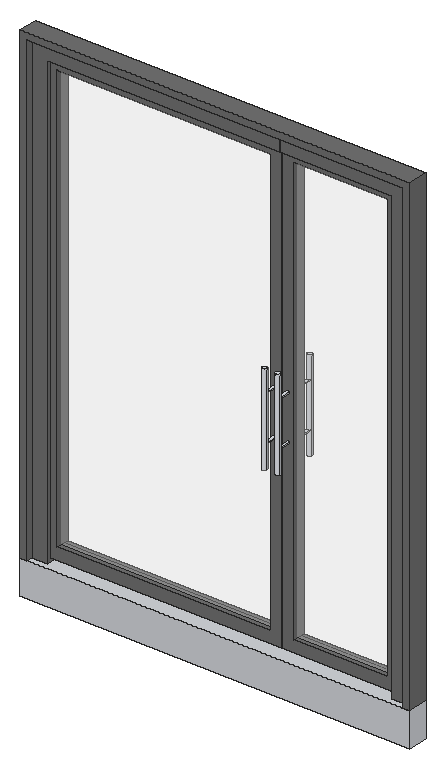
Revit family "AVLN_Дверь_Двупольная_Стальная", category Двери, Revit 2021
Family settings
  Основа = Стена
  Номер OmniClass = 23.30.10.00
  Заголовок OmniClass = Doors
  Всегда вертикально = Да
  При загрузке вырезать с полостями = Нет
  Общий = Нет
  Точка принадлежности помещению = Нет
Parameters (values of type "1730х2100")
  Ширина полотна [instance] = Width - Монтажный зазор * 2 - Коробка толщина * 2 - 10 mm  # 1560 mm
  Ширина левого полотна = 600 mm
  Ширина правого полотна = Width - Ширина левого полотна  # 1130 mm
  ШПП = Ширина правого полотна + Монтажный зазор + Коробка толщина  # 1210 mm
  ШЛП = Ширина левого полотна + Монтажный зазор + Коробка толщина  # 680 mm
  Фрамуга_Справа = no
  Фрамуга_Слева = no
  Тонкая линия проема = yes
  Толщина = 85 mm  # constant formula
  Тип ручки = Дв_Дверная ручка : Ручка стационарная
  Смещение проема [instance] = 150 mm
  Смещение внутрь = 0 mm
  СП1 [instance] = if(Смещение проема = 0 mm, 10 mm, 0 mm)  # 0 mm
  Ручки_Справа = yes
  Ручки_Слева = yes
  Ручка смещение = 30 mm  # constant formula
  Ручка высота = 950 mm  # constant formula
  Рабочая зона = no
  Rough Width = Width - Монтажный зазор * 2  # 1670 mm
  Rough Height = Height - Монтажный зазор  # 2070 mm
  Порожек = no
  Порог_наружний_смещение [instance] = 0 mm
  Порог_внутренний_смещение [instance] = 0 mm
  Порог_внутренний [instance] = no
  Порог [instance] = no
  ПШПП = ШПП + Монтажный зазор + Коробка толщина  # 1290 mm
  ПШЛП = ШЛП + Монтажный зазор + Коробка толщина  # 760 mm
  Определить тепловые свойства по = Тип схем
  Окрывание 30° = yes
  Монтажный зазор = 30 mm
  Материал_Рама = AVLN_Материал импоста_RAL 7024
  Материал_Рабочая зона = AVLN_Материал импоста_RAL 7024
  Материал_Панель.Фрамуги_Справа = AVLN_Остекление окон и дверей
  Материал_Панель.Фрамуги_Слева = AVLN_Материал импоста_RAL 7024
  Материал_Панель.2_Справа = AVLN_Остекление окон и дверей
  Материал_Панель.2_Слева = AVLN_Остекление окон и дверей
  Материал_Панель.1_Справа = AVLN_Остекление окон и дверей
  Материал_Монтажный зазор = AVLN_Материал импоста_RAL 7024
  Материал_Панель.1_Слева = AVLN_Остекление окон и дверей
  Материал_Дверной ручки = ADSK_Металл_Окрашенный_Белый матовый
  Коробка.Доп.Ширина = 20 mm  # constant formula
  Коробка толщина = 50 mm
  Type Comments = ""
  КП = Коробка толщина + 5 mm  # 55 mm
  Заполнение под проемом_Видимость [instance] = if(Смещение проема = 0 mm, 1 = 0, 1 = 1)  # yes
  Функция = Внутренние слои
  Model = ""
  Горизонтальный импост_Справа = no
  Горизонтальный импост_Слева = no
  Высота фрамуги = 650 mm
  Высота порога = 40 mm
  Высота горизонтального импоста = 750 mm
  ВФ2 = if(ВФ = 40 mm, 0 mm, 30 mm)  # 0 mm
  ВФ = if(not(Фрамуга_Слева), 40 mm, Высота фрамуги + 70 mm)  # 40 mm
  ВП = if(not(Порожек), 0 mm, Высота порога)  # 0 mm
  Height = 2100 mm
  Замыкание стены = По основе
  Width = 1730 mm
  Аналитическая конструкция = "<Нет>"
  АВЛН_Проем_Ширина [instance] = Width  # 1730 mm
  АВЛН_Проем_Высота [instance] = Height + Смещение проема  # 2250 mm
  ADSK_Примечание [instance] = ""
  ADSK_Позиция [instance] = ""
  ADSK_Площадь [instance] = 0.00 m²
  ADSK_Обозначение = ""
  ADSK_Наименование = ""
  ADSK_Масса = 0
  ADSK_Марка [instance] = ""
  ADSK_Количество [instance] = 0
  ADSK_Единица измерения [instance] = ""
  СМ = Смещение внутрь + Толщина  # 85 mm
Types (3, lengths in mm): name | Ширина полотна | Ширина левого полотна | Ширина правого полотна | ШПП | ШЛП | Фрамуга_Справа | Фрамуга_Слева | Rough Width | Rough Height | Порожек | ПШПП | ПШЛП | Монтажный зазор | Материал_Рама | Материал_Рабочая зона | Материал_Панель.Фрамуги_Справа | Материал_Панель.Фрамуги_Слева | Материал_Панель.2_Справа | Материал_Панель.2_Слева | Материал_Панель.1_Справа | Материал_Монтажный зазор | Материал_Панель.1_Слева | Материал_Дверной ручки | Коробка толщина | Type Comments | КП | Model | Горизонтальный импост_Справа | Горизонтальный импост_Слева | ВФ2 | ВФ | ВП | Height | Width | АВЛН_Проем_Ширина | АВЛН_Проем_Высота | ADSK_Обозначение
  1730х2100 | 1560 | 600 | 1130 | 1210 | 680 | no | no | 1670 | 2070 | no | 1290 | 760 | 30 | AVLN_Материал импоста_RAL 7024 | AVLN_Материал импоста_RAL 7024 | AVLN_Остекление окон и дверей | AVLN_Материал импоста_RAL 7024 | AVLN_Остекление окон и дверей | AVLN_Остекление окон и дверей | AVLN_Остекление окон и дверей | AVLN_Материал импоста_RAL 7024 | AVLN_Остекление окон и дверей | ADSK_Металл_Окрашенный_Белый матовый | 50 | "" | 55 | "" | no | no | 0 | 40 | 0 | 2100 | 1730 | 1730 | 2250 | ""
  1400х2100 | 1150 | 500 | 900 | 1020 | 620 | no | no | 1300 | 2050 | no | 1140 | 740 | 50 | Алюминий | Алюминий | Алюминий | Алюминий | Алюминий | Алюминий | Алюминий | Алюминий | Алюминий | ADSK_Металл_Окрашенный_Белый матовый | 70 | "Двери наружные" | 75 | "Дверь" | no | no | 0 | 40 | 0 | 2100 | 1400 | 1400 | 2250 | "ГОСТ 23747-2015"
  Для копирования | 1300 | 1000 | 500 | 595 | 1095 | yes | yes | 1440 | 2470 | yes | 690 | 1190 | 30 | none | none | none | none | none | none | none | none | none | none | 65 | "" | 70 | "" | yes | yes | 30 | 720 | 40 | 2500 | 1500 | 1500 | 2650 | ""
Reference planes
  plane 1: y = 0
  plane 2 "По центру (Влево/Вправо)": x = 0
  plane 3 "Слева": x = -865
  plane 4 "Справа": x = 865
  plane 5: z = 2100
  plane 6 "Наружный": y = 150
  plane 7 "Внутренние": y = -150
  plane 8: z = -150
  plane 9: x = -835
  plane 10: x = 835
  plane 11: x = 785
  plane 12: x = -785
  plane 13: z = 2070
  plane 14: z = 2020
  plane 15 "Полотно_Н": y = 150
  plane 16 "Полотно_В": y = 65
  plane 17: z = -150
  plane 18: x = 235
  plane 19: x = 295
  plane 20: z = 950
  plane 21: z = 1015
  plane 22: z = 2000
  plane 23: y = 1280
  plane 24: z = 1050
  plane 25 "ОТКР_Г": y = 165
  plane 26: z = 2030
  plane 27: z = 2030
  plane 28: x = 795
  plane 29: x = -795
  plane 30: z = 0
  plane 31: z = 70
  plane 32 "ОТКР_Д": y = 100
  plane 33: x = -530.2
  plane 34: x = -765
  plane 35: x = 765
  plane 36: x = 530
  plane 37: x = 265
  plane 38: x = -265
  plane 39: x = 295
  plane 40: x = 235
  plane 41: y = 150
  plane 42: y = -150
Forms (mm)
  Extrusion 1, solid, visible <- "Заполнение под проемом_Видимость", detail levels fine
    sketch origin (0, 150, 0) x (1, 0, 0) y (0, 0, 1)
      loop
        line (865, 0) -> (-865, 0) -> (-865, -150) -> (865, -150) -> (865, 0)
    from 0 to 85
  Extrusion 2, solid, material "AVLN_Материал импоста_RAL 7024" <- "Материал_Монтажный зазор", detail levels fine
    sketch origin (0, -150, 0) x (1, 0, 0) y (0, 0, 1)
      loop
        line (-865, 0) -> (-835, 0) -> (-835, 2070) -> (835, 2070) -> (835, 0) -> (865, 0) -> (865, 2100) -> (-865, 2100) -> (-865, 0)
    from -300 to -215
  Extrusion 3, void
    sketch origin (0, 0, 0) x (1, 0, 0) y (0, 1, 0)
      loop
        line (-865, 1280) -> (-865, 150) -> (865, 150) -> (865, 1280) -> (-865, 1280)
    from 0 to 2100
Lines and regions (mm)
  Opening 1
    outline origin (-3050, -150, 0) x (1, 0, 0) y (0, 0, 1)
      loop
        line (2185, -150) -> (3915, -150) -> (3915, 2100) -> (2185, 2100) -> (2185, -150)
  Masking region 1, visible <- "Тонкая линия проема"
    outline origin (-80, -199.486, 0) x (1, 0, 0) y (0, 1, 0)
      loop
        line (-712.395, 374.486) -> (-785, 349.486) -> (-785, 49.486) -> (-785, 19.486) -> (945, 19.486) -> (945, 49.486) -> (945, 349.486) -> (875.199, 374.486) -> (-712.395, 374.486)
  model lines, style "Открывание_Внутрь"
    curve 1: line (765, 100, 2030) -> (265, 100, 1015)
    curve 2: line (265, 100, 1015) -> (765, 100, 70)
    curve 3: line (-765, 100, 70) -> (265, 100, 1015)
    curve 4: line (265, 100, 1015) -> (-765, 100, 2030)
  model lines, style "Открывание_Наружу"
    curve 5: line (-795, 165, 0) -> (265, 165, 1015)
    curve 6: line (265, 165, 1015) -> (-795, 165, 2030)
    curve 7: line (795, 165, 2030) -> (265, 165, 1015)
    curve 8: line (265, 165, 1015) -> (795, 165, 0)
  model lines, style "Рабочая зона", visible <- "Рабочая зона"
    curve 9: line (-865, 150, 0) -> (-750, 1280, 0)
    curve 10: line (-750, 1280, 0) -> (750, 1280, 0)
    curve 11: line (865, 150, 0) -> (750, 1280, 0)
  symbolic lines, style "Порог", visible <- "Порог"
    curve 12: line (-865, 150, 0) -> (865, 150, 0)
  symbolic lines, style "Порог", visible <- "Порог_внутренний"
    curve 13: line (-865, -150, 0) -> (865, -150, 0)
Text (mm)
  text "Наружный" at (-2295.016, 1099.543, 0), in view "Опорный уровень"
  text "Наружный" at (0, 1615.38, 3698.081), in view "Слева"
  text "Наружный" at (0, 1036.032, 3874.932), in view "Справа"
Dimensions and locks
  equal spacing: plane 3 "Слева", plane 2 "По центру (Влево/Вправо)", plane 4 "Справа"
  "Width": plane 3 "Слева" to plane 4 "Справа"
  host wall to plane 5 = 2564.966 mm  (x2)
  locked: plane 6 "Наружный" to host wall
  locked: plane 7 "Внутренние" to host wall
  plane 8 to level = 150 mm
  "Height": level to plane 5
  "Монтажный зазор": plane 3 "Слева" to plane 9
  "Монтажный зазор": plane 10 to plane 4 "Справа"
  "Смещение внутрь": plane 15 "Полотно_Н" to plane 6 "Наружный"
  "Толщина": plane 15 "Полотно_Н" to plane 16 "Полотно_В"
  level to plane 17 = 150 mm
  "Монтажный зазор": plane 13 to plane 5
  "Коробка толщина": plane 14 to plane 13
  "Коробка толщина": plane 12 to plane 9
  "Коробка толщина": plane 11 to plane 10
  "Смещение проема": level to plane 8
  "Ручка высота": level to plane 20
  "Ручка смещение": plane 18 to plane 37
  "Ручка смещение": plane 37 to plane 19
  equal spacing: level, plane 21, plane 26
  equal spacing: plane 7 "Внутренние", plane 1, plane 6 "Наружный"
  "Коробка.Доп.Ширина": plane 14 to plane 22
  "Ширина правого полотна": plane 23 to plane 15 "Полотно_Н"
  plane 15 "Полотно_Н" to plane 16 "Полотно_В" = 85 mm
  locked: plane 25 "ОТКР_Г" to plane 15 "Полотно_Н" at 15
  "ВФ": plane 13 to plane 26
  equal spacing: level, plane 24, plane 5
  "ВФ2": plane 26 to plane 27
  locked: plane 10 to plane 28 at 40
  locked: plane 9 to plane 29 at 40
  "ВП": level to plane 30
  locked: plane 31 to level at 70
  nested 7 to plane 6 "Наружный" = 60 mm
  "СП1": plane 17 to plane 8
  "Коробка толщина": plane 15 "Полотно_Н" to plane 32 "ОТКР_Д"
  locked: plane 9 to plane 34 at 70
  locked: plane 10 to plane 35 at 70
  equal spacing: plane 37, plane 36, plane 28
  "Ширина левого полотна": plane 37 to plane 4 "Справа"
  equal spacing: plane 37, plane 38, plane 29
  locked: plane 39 to plane 37 at 30
  locked: plane 37 to plane 40 at 30
  "Порог_наружний_смещение": plane 6 "Наружный" to plane 41
  "Порог_внутренний_смещение": plane 42 to plane 7 "Внутренние"
  aligned and locked: plane 3 "Слева" to Opening 1 sketch curve
  aligned and locked: Opening 1 sketch curve to plane 4 "Справа"
  aligned and locked: plane 1 to host wall
  aligned and locked: plane 8 to Opening 1 sketch curve
  aligned and locked: level to Extrusion 1 sketch curve
  aligned and locked: Extrusion 1 sketch curve to plane 4 "Справа"
  aligned and locked: Extrusion 1 sketch curve to host wall
  aligned and locked: Extrusion 1 to plane 16 "Полотно_В"
  aligned and locked: Extrusion 1 to plane 15 "Полотно_Н"
  aligned and locked: Extrusion 1 sketch curve to plane 17
  aligned and locked: plane 5 to Opening 1 sketch curve
  aligned and locked: Extrusion 2 sketch curve to plane 4 "Справа"
  aligned and locked: Extrusion 2 sketch curve to plane 10
  aligned and locked: Extrusion 2 sketch curve to plane 5
  aligned and locked: Extrusion 2 sketch curve to plane 13
  aligned and locked: plane 3 "Слева" to Extrusion 2 sketch curve
  aligned and locked: plane 9 to Extrusion 2 sketch curve
  aligned and locked: Extrusion 2 sketch curve to level  (x2)
  aligned and locked: plane 19 to nested 4
  aligned and locked: plane 18 to nested 2
  aligned and locked: nested 3 to plane 19
  aligned and locked: nested 5 to plane 4 "Справа"
  aligned and locked: nested 5 to plane 15 "Полотно_Н"
  aligned and locked: nested 6 to plane 3 "Слева"
  aligned and locked: plane 15 "Полотно_Н" to nested 6
  aligned and locked: Extrusion 2 to plane 15 "Полотно_Н"
  aligned and locked: curve 10 to plane 23
  aligned and locked: plane 15 "Полотно_Н" to curve 9
  aligned and locked: curve 11 to plane 15 "Полотно_Н"
  aligned and locked: Extrusion 3 sketch curve to plane 23
  aligned and locked: Extrusion 3 sketch curve to plane 3 "Слева"
  aligned and locked: Extrusion 3 sketch curve to plane 15 "Полотно_Н"
  aligned and locked: Extrusion 3 sketch curve to plane 4 "Справа"
  aligned and locked: Extrusion 3 to plane 5
  aligned and locked: Extrusion 2 to plane 16 "Полотно_В"
  aligned and locked: plane 26 to curve 1
  aligned and locked: plane 27 to curve 7
  aligned and locked: plane 29 to curve 6
  aligned and locked: curve 6 to plane 27
  aligned and locked: plane 28 to curve 8
  aligned and locked: plane 30 to curve 8
  aligned and locked: plane 29 to curve 5
  aligned and locked: curve 5 to plane 30
  aligned and locked: plane 31 to curve 3
  aligned and locked: curve 2 to plane 31
  aligned and locked: plane 21 to curve 8
  aligned and locked: nested 1 to plane 32 "ОТКР_Д"
  aligned and locked: plane 32 "ОТКР_Д" to nested 3
  aligned and locked: nested 2 to plane 25 "ОТКР_Г"
  aligned and locked: plane 25 "ОТКР_Г" to nested 4
  aligned and locked: nested 1 to plane 18
  aligned and locked: plane 34 to curve 4
  aligned and locked: plane 35 to curve 1
  aligned and locked: plane 37 to curve 6
  aligned and locked: plane 34 to curve 3
  aligned and locked: plane 21 to curve 4
  aligned and locked: nested 8 to plane 15 "Полотно_Н"
  aligned and locked: plane 4 "Справа" to curve 12
  aligned and locked: plane 3 "Слева" to curve 12
  aligned and locked: curve 12 to plane 41
  aligned and locked: curve 13 to plane 42
  aligned and locked: plane 3 "Слева" to Masking region 1
  aligned and locked: Masking region 1 to plane 4 "Справа"
  aligned and locked: host wall to Masking region 1 sketch curve  (x4)
  aligned and locked: nested 7 to Extrusion 2
  aligned and locked: nested 8 to Extrusion 2
  aligned and locked: curve 5 to plane 25 "ОТКР_Г"
  aligned and locked: nested 7 to plane 41
Automatic sketch dimensions
  curve 2 to plane 37 = 0 mm
  curve 4 to plane 26 = 0 mm
  curve 2 to plane 35 = 0 mm
  curve 13 to plane 3 "Слева" = 0 mm
  curve 13 to plane 4 "Справа" = 0 mm
  Masking region 1 sketch curve to plane 3 "Слева" = 0 mm
  Masking region 1 sketch curve to plane 4 "Справа" = 0 mm
  Masking region 1 sketch curve to plane 29 = 2.605 mm
  plane 28 to Masking region 1 sketch curve = 0.199 mm
  host wall to Masking region 1 sketch curve = 30 mm
  host wall to Masking region 1 sketch curve = 25 mm
  curve 7 to plane 28 = 0 mm
  curve 10 to plane 34 = 15 mm
  curve 11 to plane 35 = 15 mm
Nested families
  nested 1: "Дв_Дверная ручка" at (235, 100, -90), visible <- "Ручки_Справа", type <- "Тип ручки", type "Ручка стационарная", detail levels fine
    with Высота расположения дверной ручки 1040 mm
  nested 2: "Дв_Дверная ручка" at (235, 165, -90), visible <- "Ручки_Справа", type <- "Тип ручки", type "Ручка стационарная", detail levels fine
    with Высота расположения дверной ручки 1040 mm
  nested 3: "Дв_Дверная ручка" at (295, 100, -90) x (-1, 0, 0) z (0, 0, 1), visible <- "Ручки_Слева", type <- "Тип ручки", type "Ручка стационарная", detail levels fine
    with Высота расположения дверной ручки 1040 mm
  nested 4: "Дв_Дверная ручка" at (295, 165, -90) x (-1, 0, 0) z (0, 0, 1), visible <- "Ручки_Слева", type <- "Тип ручки", type "Ручка стационарная", detail levels fine
    with Высота расположения дверной ручки 1040 mm
  nested 5: "АС-Двупольная-Обозначение на плане" at (605, 150, -150), Width <- "ШЛП", Height <- "Rough Height", Полотно.Ширина <- "Ширина левого полотна", Rough Width <- "ПШЛП", Коробка.Ширина <- "Коробка.Доп.Ширина", Коробка.Толщина <- "Толщина", Толщина <- "Коробка толщина", МЗ <- "Монтажный зазор", КП <- "КП", type "АС-Стандарт"
    with Width 680 mm, Толщина 50 mm, Rough Width 760 mm, Полотно.Ширина 600 mm, МЗ 30 mm, Коробка.Ширина 20 mm, Коробка.Толщина 85 mm, КП 55 mm, Height 2070 mm
  nested 6: "АС-Двупольная-Обозначение на плане" at (-75, 150, -150) x (-1, 0, 0) z (0, 0, 1), Width <- "ШПП", Height <- "Rough Height", Полотно.Ширина <- "Ширина правого полотна", Rough Width <- "ПШПП", Коробка.Ширина <- "Коробка.Доп.Ширина", Коробка.Толщина <- "Толщина", Толщина <- "Коробка толщина", МЗ <- "Монтажный зазор", КП <- "КП", type "АС-Стандарт"
    with Width 1210 mm, Толщина 50 mm, Rough Width 1290 mm, Полотно.Ширина 1130 mm, МЗ 30 mm, Коробка.Ширина 20 mm, Коробка.Толщина 85 mm, КП 55 mm, Height 2070 mm
  nested 7: "Алюминий ДП" at (430, 90, 0) x (-1, 0, 0) z (0, 0, 1), Width <- "Ширина левого полотна", Фрамуга <- "Фрамуга_Слева", М.Панель.1 <- "Материал_Панель.1_Слева", М.Панель.2 <- "Материал_Панель.2_Слева", М.Панель.Фрамуги <- "Материал_Панель.Фрамуги_Слева", М.Рама <- "Материал_Рама", Горизонтальный импост <- "Горизонтальный импост_Слева", Порог <- "Порожек", type "Алюминий ДП", detail levels fine
    with Width 600 mm, Фрамуга no, Порог no, М.Рама AVLN_Материал импоста_RAL 7024, М.Панель.Фрамуги AVLN_Материал импоста_RAL 7024, М.Панель.2 AVLN_Остекление окон и дверей, М.Панель.1 AVLN_Остекление окон и дверей, Горизонтальный импост no, ГИ no, ВФ2 0 mm, ВФ 250 mm, ВП2 0 mm, БГИ yes
  nested 8: "Алюминий ДП" at (-430, 90, 0), Width <- "Ширина правого полотна", Фрамуга <- "Фрамуга_Справа", М.Панель.1 <- "Материал_Панель.1_Справа", М.Панель.2 <- "Материал_Панель.2_Справа", М.Панель.Фрамуги <- "Материал_Панель.Фрамуги_Справа", М.Рама <- "Материал_Рама", Горизонтальный импост <- "Горизонтальный импост_Справа", Порог <- "Порожек", type "Алюминий ДП", detail levels fine
    with Width 1130 mm, Фрамуга no, Порог no, М.Рама AVLN_Материал импоста_RAL 7024, М.Панель.Фрамуги AVLN_Остекление окон и дверей, М.Панель.2 AVLN_Остекление окон и дверей, М.Панель.1 AVLN_Остекление окон и дверей, Горизонтальный импост no, ГИ no, ВФ2 0 mm, ВФ 250 mm, ВП2 0 mm, БГИ yes
Definition of nested family "Дв_Дверная ручка"
  Parameters (values of type "Ручка нажимная")
    Ручка стационарная = no
    Ручка нажимная = yes
    Define Thermal Properties by = 1
    Материал дверной ручки = none
    Высота расположения дверной ручки [instance] = 1040 mm
    Analytic Construction = "<Нет>"
    b = 25 mm
    a = 75 mm
  Types (3, lengths in mm): name | Ручка стационарная | Ручка нажимная | Высота расположения дверной ручки | a
    (no name) | no | yes | 1040 | 75
    Ручка нажимная | no | yes | 1040 | 75
    Ручка стационарная | yes | no | 1040.051 | 74.898
  Reference planes
    plane 1 "По центру (Вперед/Назад)": y = 0
    plane 2: z = 0
    plane 3 "По центру (Влево/Вправо)": x = 0
    plane 4: z = 1040
    plane 5: x = -12.5
    plane 6: x = 12.5
    plane 7: z = 1077.5
    plane 8: z = 1002.5
    plane 9: y = -15
    plane 10: y = -55
    plane 11: z = 1240.102
    plane 12: z = 840
  Forms (mm)
    Extrusion 1, solid, material <- "Материал дверной ручки", visible <- "Ручка нажимная"
      sketch origin (0, 0, 0) x (1, 0, 0) y (0, 0, 1)
        loop
          arc (-2.5, 1077.5) -> (-9.571, 1074.571) -> (-12.5, 1067.5) r 10
          line (-12.5, 1067.5) -> (-12.5, 1012.5)
          arc (-12.5, 1012.5) -> (-9.571, 1005.429) -> (-2.5, 1002.5) r 10
          line (-2.5, 1002.5) -> (2.5, 1002.5)
          arc (2.5, 1002.5) -> (9.571, 1005.429) -> (12.5, 1012.5) r 10
          line (12.5, 1012.5) -> (12.5, 1067.5)
          arc (12.5, 1067.5) -> (9.571, 1074.571) -> (2.5, 1077.5) r 10
          line (2.5, 1077.5) -> (-2.5, 1077.5)
      from 0 to 15
    Sweep 2, solid, material <- "Материал дверной ручки", visible <- "Ручка нажимная"
      path origin (0, 0, 2080) x (0, 1, 0) y (-1, 0, 0)
        loop
          line (-15, 0) -> (-38.261, 0)
          arc (-38.261, 0) -> (-45.332, 2.929) -> (-48.261, 10) r 10
          line (-48.261, 10) -> (-48.261, 130)
      profile origin (0, -26.63, 2080) x (1, 0, 0) y (0, 0, 1)
        loop
          circle (0, -1040) r 8
    Extrusion 3, solid, material <- "Материал дверной ручки", visible <- "Ручка стационарная"
      sketch origin (0, 0, 0) x (1, 0, 0) y (0, 0, 1)
        loop
          circle (0, 1140.126) r 5
      from 0 to 55
    Extrusion 4, solid, material <- "Материал дверной ручки", visible <- "Ручка стационарная"
      sketch origin (0, 0, -200.126) x (1, 0, 0) y (0, 0, 1)
        loop
          circle (0, 1140.126) r 5
      from 0 to 55
    Extrusion 5, solid, material <- "Материал дверной ручки", visible <- "Ручка стационарная"
      sketch origin (0, 112.733, 0) x (1, 0, 0) y (0, 1, 0)
        loop
          circle (0, -167.733) r 10
      from 840 to 1240.102
  Dimensions and locks
    "Высота расположения дверной ручки": plane 4 to level
    "a": plane 7 to plane 8
    "b": plane 6 to plane 5
    equal spacing: plane 6, plane 3 "По центру (Влево/Вправо)", plane 5
    locked: plane 1 "По центру (Вперед/Назад)" to plane 9 at 15
    equal spacing: plane 7, plane 4, plane 8
    Extrusion 4 to plane 4 to Extrusion 3 = 100 mm, 100.126 mm
    plane 11 to plane 12 = 400.102 mm
    aligned and locked: level to plane 2
    aligned and locked: Extrusion 1 sketch curve to plane 7
    aligned and locked: plane 5 to Extrusion 1 sketch curve
    aligned and locked: plane 8 to Extrusion 1 sketch curve
    aligned and locked: Extrusion 1 sketch curve to plane 6
    aligned and locked: Extrusion 1 to plane 1 "По центру (Вперед/Назад)"
    aligned and locked: plane 4 to Sweep 2
    aligned and locked: plane 10 to Extrusion 3
    aligned and locked: Extrusion 4 to Extrusion 3
    aligned and locked: Extrusion 3 to plane 1 "По центру (Вперед/Назад)"
    aligned and locked: Extrusion 4 to plane 1 "По центру (Вперед/Назад)"
    aligned and locked: plane 10 to Extrusion 5
    aligned and locked: plane 11 to Extrusion 5
    aligned and locked: Extrusion 5 to plane 12
  Automatic sketch dimensions
    Extrusion 5 sketch curve to plane 3 "По центру (Влево/Вправо)" = 0 mm
    plane 10 to Extrusion 5 sketch curve = 0 mm
    Sweep 2 sketch curve to plane 3 "По центру (Влево/Вправо)" = 0 mm
    plane 9 to Sweep 2 sketch curve = 0 mm
    Sweep 2 sketch curve to plane 10 = 16.739 mm
    Sweep 2 sketch curve to plane 10 = 6.739 mm
    Sweep 2 sketch curve to Sweep 2 sketch curve = 120 mm
    profile plane to Sweep 2 sketch curve = 0 mm
    Sweep 2 sketch curve to profile plane = 1040 mm
    Extrusion 3 sketch curve to plane 3 "По центру (Влево/Вправо)" = 0 mm
    Extrusion 3 sketch curve to plane 11 = 99.976 mm
    Extrusion 4 sketch curve to plane 3 "По центру (Влево/Вправо)" = 0 mm
    Extrusion 4 sketch curve to plane 4 = 100 mm
    Extrusion 1 sketch curve to plane 3 "По центру (Влево/Вправо)" = 2.5 mm  (x2)
    plane 3 "По центру (Влево/Вправо)" to Extrusion 1 sketch curve = 2.5 mm  (x2)
    radius of Extrusion 5 sketch curve = 10 mm
    radius of Sweep 2 sketch curve = 8 mm
    radius of Extrusion 3 sketch curve = 5 mm
    radius of Extrusion 4 sketch curve = 5 mm
Definition of nested family "Алюминий ДП"
  Parameters (values of type "Алюминий ДП")
    Width [instance] = 800 mm
    Фрамуга [instance] = yes
    Толщина коробки = 50 mm
    Порог [instance] = yes
    Define Thermal Properties by = 1
    МЗЗ = 30 mm
    М.Панель.Фрамуги [instance] = none
    М.Панель.2 [instance] = none
    М.Панель.1 [instance] = none
    Горизонтальный импост [instance] = yes
    Высота порога = 40 mm
    Height = 2100 mm
    ВФ2 [instance] = if(not(Фрамуга), 0 mm, Высота фрамуги)  # 650 mm
    ВФ [instance] = if(ВФ2 = 0 mm, 250 mm, ВФ2 - 40 mm)  # 610 mm
    Высота фрамуги = 650 mm
    ВП2 [instance] = if(Порог, Высота порога, 0 mm)  # 40 mm
    ВП1 = 20 mm + Высота порога  # 60 mm
    БГИ [instance] = not(Горизонтальный импост)  # no
    М.Рама [instance] = none
    ГИ [instance] = Горизонтальный импост  # yes
    Высота ГИ = 750 mm
    Analytic Construction = "<Нет>"
  Reference planes
    plane 1 "По центру (Вперед/Назад)": y = 0
    plane 2: z = 0
    plane 3 "По центру (Влево/Вправо)": x = 0
    plane 4: x = -405
    plane 5: x = 405
    plane 6: z = 2070
    plane 7: y = -60
    plane 8: x = -355
    plane 9: z = 2020
    plane 10: z = 1035
    plane 11: z = 50
    plane 12: y = -35
    plane 13: y = -55
    plane 14: z = 750
    plane 15: z = 760
    plane 16: z = 740
    plane 17: z = 1370
    plane 18: z = 1410
    plane 19: z = 2020
    plane 20 "222": z = 1390
    plane 21: x = -335
    plane 22: z = 2100
    plane 23: x = -435
    plane 24: x = 435
    plane 25: z = 40
    plane 26: z = 60
    plane 27: x = 365
    plane 28: x = -305
    plane 29: x = 315
    plane 30: z = 110
    plane 31: z = 1460
    plane 32: z = 1970
    plane 33: z = 1320
  Forms (mm)
    Sweep 1, solid, material <- "М.Рама", detail levels fine
      path origin (0, 0, 0) x (1, 0, 0) y (0, 0, 1)
        loop
          line (-405, 0) -> (-405, 2070) -> (365, 2070)
      profile "Профиль 1 : Профиль 1" origin (-405, 0, 1035) x (-1, 0, 0) y (0, -1, 0)
        loop
          line (-70, 0) -> (0, 0) -> (0, 60) -> (-50, 60) -> (-50, 15) -> (-70, 15) -> (-70, 0)
    Extrusion 2, solid, material <- "М.Панель.1", visible <- "БГИ", detail levels fine
      sketch origin (0, 0, 0) x (1, 0, 0) y (0, 0, 1)
        loop
          line (-305, 1320) -> (-305, 110) -> (315, 110) -> (315, 1320) -> (-305, 1320)
      from 35 to 55
    Sweep 3, solid, material <- "М.Рама", visible <- "ГИ", detail levels fine
      path origin (0, 0, 0) x (1, 0, 0) y (0, 0, 1)
        loop
          line (-305, 750) -> (315, 750)
      profile "Профиль 3 : Профиль 3" origin (5, 0, 750) x (0, 0, 1) y (0, -1, 0)
        loop
          line (-40, 15) -> (40, 15) -> (40, 35) -> (10, 35) -> (10, 55) -> (40, 55) -> (40, 75) -> (-40, 75) -> (-40, 55) -> (-10, 55) -> (-10, 35) -> (-40, 35) -> (-40, 15)
    Extrusion 4, solid, material <- "М.Панель.1", visible <- "ГИ", detail levels fine
      sketch origin (0, 0, 0) x (1, 0, 0) y (0, 0, 1)
        loop
          line (-305, 1320) -> (-305, 760) -> (315, 760) -> (315, 1320) -> (-305, 1320)
      from 35 to 55
    Extrusion 5, solid, material <- "М.Панель.2", visible <- "ГИ", detail levels fine
      sketch origin (0, 0, 0) x (1, 0, 0) y (0, 0, 1)
        loop
          line (-305, 740) -> (-305, 110) -> (315, 110) -> (315, 740) -> (-305, 740)
      from 35 to 55
    Extrusion 6, solid, material <- "М.Панель.Фрамуги", visible <- "Фрамуга", detail levels fine
      sketch origin (0, 0, 0) x (1, 0, 0) y (0, 0, 1)
        loop
          line (-305, 1970) -> (-305, 1460) -> (315, 1460) -> (315, 1970) -> (-305, 1970)
      from 35 to 55
    Sweep 7, solid, material <- "М.Рама", visible <- "Порог", detail levels fine
      path origin (0, 0, 0) x (1, 0, 0) y (0, 0, 1)
        loop
          line (-335, 0) -> (365, 0)
      profile "Профиль 5 : Профиль 5" origin (15, 0, 0) x (0, 0, 1) y (0, -1, 0)
        loop
          line (0, 60) -> (0, -5) -> (10, -5) -> (22.5, 40) -> (60, 40) -> (60, 60) -> (0, 60)
    Extrusion 8, solid, material <- "М.Рама", detail levels fine
      sketch origin (0, 0, 0) x (1, 0, 0) y (0, 1, 0)
        loop
          line (-355, -15) -> (-355, -60) -> (-335, -60) -> (-335, -15) -> (-355, -15)
      from 0 to 60
    Sweep 9, solid, material <- "М.Рама", visible <- "Фрамуга", detail levels fine
      path origin (225.411, 0, 1390) x (0, 1, 0) y (-1, 0, 0)
        loop
          line (0, -139.589) -> (0, 560.411)
      profile "Профиль 4 : Профиль 4" origin (15, 0, 1390) x (0, -1, 0) y (0, 0, 1)
        loop
          line (0, 40) -> (0, -40) -> (15, -40) -> (15, -15) -> (60, -15) -> (60, 15) -> (15, 15) -> (15, 40) -> (0, 40)
    Extrusion 10, solid, material <- "М.Рама"
      sketch origin (0, 0, 0) x (1, 0, 0) y (0, 0, 1)
        loop
          line (-355, 1370) -> (-355, 60) -> (365, 60) -> (365, 1370) -> (-355, 1370)
        loop
          line (315, 110) -> (315, 1320) -> (-305, 1320) -> (-305, 110) -> (315, 110)
      from 15 to 75
    Extrusion 11, solid, material <- "М.Рама"
      sketch origin (0, 0, 0) x (1, 0, 0) y (0, 0, 1)
        loop
          line (-355, 2020) -> (-355, 1410) -> (365, 1410) -> (365, 2020) -> (-355, 2020)
        loop
          line (-305, 1970) -> (-305, 1460) -> (315, 1460) -> (315, 1970) -> (-305, 1970)
      from 15 to 75
  Cuts and joins
    joined: Sweep 1, Extrusion 8
  Dimensions and locks
    equal spacing: plane 4, plane 3 "По центру (Влево/Вправо)", plane 5
    "Width": plane 27 to plane 23
    "Height": plane 22 to level
    locked: plane 1 "По центру (Вперед/Назад)" to plane 7 at 60
    locked: plane 4 to plane 8 at 50
    equal spacing: plane 6, plane 10, level
    locked: plane 6 to plane 9 at 50
    "ВП2": plane 2 to plane 25
    locked: plane 12 to plane 13 at 20
    locked: plane 1 "По центру (Вперед/Назад)" to plane 12 at 35
    "Высота ГИ": plane 14 to level
    plane 15 to plane 14 to plane 16 = 10 mm locked, 10 mm locked
    plane 19 to plane 18 = 610 mm
    locked: plane 18 to plane 17 at 40
    "ВФ": plane 19 to plane 18
    equal spacing: plane 18, plane 20 "222", plane 17
    locked: plane 21 to plane 8 at 20
    "ВФ2": plane 9 to plane 17
    "МЗЗ": plane 22 to plane 6
    "МЗЗ": plane 4 to plane 23
    "МЗЗ": plane 5 to plane 24
    locked: plane 7 to plane 1 "По центру (Вперед/Назад)" at 60
    locked: plane 11 to plane 25 at 10
    locked: plane 11 to plane 26 at 10
    "Толщина коробки": plane 28 to plane 8
    "Толщина коробки": plane 17 to plane 33
    "Толщина коробки": plane 30 to plane 26
    "Толщина коробки": plane 31 to plane 18
    "Толщина коробки": plane 9 to plane 32
    "Толщина коробки": plane 29 to plane 27
    aligned and locked: level to plane 2
    aligned and locked: Sweep 1 sketch curve to plane 6
    aligned and locked: plane 4 to Sweep 1 sketch curve
    aligned and locked: plane 12 to Extrusion 2
    aligned and locked: Extrusion 2 to plane 13
    aligned and locked: Sweep 3 sketch curve to plane 14
    aligned and locked: Extrusion 4 sketch curve to plane 15
    aligned and locked: plane 16 to Extrusion 5 sketch curve
    aligned and locked: Extrusion 4 to plane 13
    aligned and locked: plane 12 to Extrusion 4
    aligned and locked: Extrusion 5 to plane 13
    aligned and locked: plane 12 to Extrusion 5
    aligned and locked: Sweep 7 sketch curve to level
    aligned and locked: plane 21 to Sweep 7 sketch curve
    aligned and locked: Extrusion 8 sketch curve to Sweep 1  (x2)
    aligned and locked: Extrusion 8 sketch curve to Sweep 7
    aligned and locked: Extrusion 8 to plane 26
    aligned and locked: plane 27 to Sweep 1 sketch curve
    aligned and locked: plane 27 to Sweep 7 sketch curve
    aligned and locked: Sweep 9 sketch curve to plane 1 "По центру (Вперед/Назад)"
    aligned and locked: plane 30 to Extrusion 5  (x3)
    aligned and locked: plane 33 to Extrusion 4
    aligned and locked: plane 33 to Extrusion 2
    aligned and locked: Extrusion 5 to plane 29  (x2)
    aligned and locked: Extrusion 2 to plane 29
    aligned and locked: Extrusion 4 to plane 29  (x2)
    aligned and locked: plane 28 to Sweep 3 sketch curve
    aligned and locked: plane 29 to Sweep 3 sketch curve
    aligned and locked: Extrusion 6 to plane 29
    aligned and locked: Extrusion 6 to plane 31
    aligned and locked: Extrusion 6 to plane 28
    aligned and locked: plane 32 to Extrusion 6
    aligned and locked: plane 31 to Extrusion 11
    aligned and locked: plane 28 to Extrusion 11
    aligned and locked: Extrusion 11 to plane 32
    aligned and locked: Extrusion 11 to plane 8
    aligned and locked: plane 19 to Extrusion 11
    aligned and locked: Extrusion 11 to plane 18
    aligned and locked: Extrusion 11 to Extrusion 10  (x2)
    aligned and locked: Extrusion 11 to plane 27  (x3)
    aligned and locked: plane 27 to Sweep 9 sketch curve
    aligned and locked: cut or joined group of Sweep 1, Extrusion 8 to Sweep 9 sketch curve
    aligned and locked: Extrusion 10 to plane 27  (x2)
    aligned and locked: plane 29 to Extrusion 10  (x3)
    aligned and locked: Extrusion 10 to plane 33
    aligned and locked: Extrusion 2 to plane 28
    aligned and locked: Extrusion 5 to plane 28
    aligned and locked: Extrusion 4 to plane 28
    aligned and locked: plane 29 to Extrusion 11
    aligned and locked: plane 28 to Extrusion 10
    aligned and locked: plane 30 to Extrusion 2
    aligned and locked: Extrusion 10 to plane 30
  Automatic sketch dimensions
    Sweep 1 sketch curve to level = 0 mm
    plane 7 to Extrusion 8 sketch curve = 0 mm
    Extrusion 10 sketch curve to plane 21 = 20 mm
    Extrusion 10 sketch curve to plane 26 = 0 mm
    plane 21 to Extrusion 2 sketch curve = 30 mm
    plane 21 to Extrusion 4 sketch curve = 30 mm
    plane 21 to Extrusion 5 sketch curve = 30 mm
    plane 21 to Extrusion 6 sketch curve = 30 mm
    Extrusion 10 sketch curve to Extrusion 10 sketch curve = 50 mm  (x3)
    Extrusion 2 sketch curve to plane 26 = 50 mm
    Extrusion 5 sketch curve to plane 26 = 50 mm
    Extrusion 2 sketch curve to plane 17 = 50 mm
    Extrusion 4 sketch curve to plane 17 = 50 mm
    Extrusion 10 sketch curve to plane 17 = 50 mm
    Extrusion 10 sketch curve to plane 17 = 0 mm
    plane 18 to Extrusion 6 sketch curve = 50 mm
    Extrusion 6 sketch curve to plane 9 = 50 mm
    Extrusion 11 sketch curve to plane 21 = 20 mm
    plane 28 to Extrusion 11 sketch curve = 0 mm
    plane 29 to Extrusion 11 sketch curve = 0 mm
    plane 5 to Extrusion 11 sketch curve = 40 mm
    Extrusion 11 sketch curve to plane 31 = 50 mm
    Extrusion 11 sketch curve to plane 31 = 0 mm
    plane 32 to Extrusion 11 sketch curve = 0 mm
    Extrusion 11 sketch curve to plane 9 = 0 mm
    plane 29 to Extrusion 2 sketch curve = 0 mm
    plane 29 to Extrusion 4 sketch curve = 0 mm
    plane 29 to Extrusion 5 sketch curve = 0 mm
    plane 29 to Extrusion 6 sketch curve = 0 mm
    plane 29 to Extrusion 10 sketch curve = 0 mm
    plane 1 "По центру (Вперед/Назад)" to Sweep 9 sketch curve = 0 mm
Definition of nested family "АС-Двупольная-Обозначение на плане"
  Parameters (values of type "АС-Стандарт")
    Полотно.Ширина [instance] = 900 mm
    Открывание двери 90 = not(Открывание двери 30)  # no
    Открывание двери 30 = yes
    МЗ [instance] = 20 mm
    Линия открывания (дуга) = not(Открывание двери 30)  # no
    Коробка.Ширина [instance] = 40 mm
    Коробка.Толщина [instance] = 80 mm
    Width [instance] = 1000 mm
    Thickness [instance] = 40 mm
    Rough Width [instance] = 960 mm
    КП [instance] = 30 mm
    Height [instance] = 2100 mm
    Default Elevation = 0 mm
    Analytic Construction = "<Нет>"
  Reference planes
    plane 1 "Center (Front/Back)": y = 0
    plane 2: z = 0
    plane 3 "Center (Left/Right)": x = 0
    plane 4 "Полотно.Слева": x = -480
    plane 5 "Полотно справа": x = 480
    plane 6 "Проем.Слева": x = -500
    plane 7 "Проем.Справа": x = 500
    plane 8 "Полотно. Внутренняя сторона": y = -40
    plane 9 "Коробка. Внутренняя сторона": y = -80
    plane 10 "Коробка.Внутренняя сторона слева": x = -450
    plane 11 "Коробка. Внутренняя сторона справа": x = 450
    plane 12 "2": x = -410
    plane 13 "3": x = 410
  Lines and regions (mm)
    Masking region 1, detail levels fine
      outline origin (0, 0, 0) x (1, 0, 0) y (0, 1, 0)
        loop
          line (500, -80) -> (500, 0) -> (480, 0) -> (480, -80) -> (500, -80)
    Masking region 2, detail levels fine
      outline origin (0, 0, 0) x (1, 0, 0) y (0, 1, 0)
        loop
          line (480, 0) -> (450, 0) -> (450, -40) -> (410, -40) -> (410, -80) -> (480, -80) -> (480, 0)
    Masking region 3, visible <- "Открывание двери 90", detail levels fine
      outline origin (0, 0, 0) x (1, 0, 0) y (0, 1, 0)
        loop
          line (450, 0) -> (450, 900) -> (410, 900) -> (410, 0) -> (450, 0)
    Masking region 4, visible <- "Открывание двери 30", detail levels fine
      outline origin (0, 0, 0) x (1, 0, 0) y (0, 1, 0)
        loop
          line (450, 0) -> (-329.423, 450) -> (-349.423, 415.359) -> (430, -34.641) -> (450, 0)
    symbolic lines, visible <- "Открывание двери 30", detail levels coarse+medium
      curve 1: line (500, 0, 0) -> (-366.025, 500, 0)
    symbolic lines, visible <- "Открывание двери 90", detail levels coarse+medium
      curve 2: line (500, 0, 0) -> (500, 1000, 0)
    symbolic lines, visible <- "Линия открывания (дуга)", detail levels coarse+medium
      curve 3: arc (500, 1000, 0) -> (-207.107, 707.107, 0) -> (-500, 0, 0) r 1000
    symbolic lines, visible <- "Линия открывания (дуга)", detail levels fine
      curve 4: arc (-450, 0, 0) -> (-186.396, 636.396, 0) -> (450, 900, 0) r 900
    model lines, not visible
      curve 5: line (0, 0, 0) -> (0, 0, 2100)
  Dimensions and locks
    "Thickness": plane 1 "Center (Front/Back)" to plane 8 "Полотно. Внутренняя сторона"  (x2)
    plane 1 "Center (Front/Back)" to plane 9 "Коробка. Внутренняя сторона" = 80 mm
    "Коробка.Толщина": plane 9 "Коробка. Внутренняя сторона" to plane 1 "Center (Front/Back)"
    "Полотно.Ширина": plane 10 "Коробка.Внутренняя сторона слева" to plane 11 "Коробка. Внутренняя сторона справа"
    "Width": curve 1 to curve 1
    "Width": plane 1 "Center (Front/Back)" to curve 2
    "Коробка.Ширина": Masking region 2 sketch curve to Masking region 2 sketch curve
    "Полотно.Ширина": plane 1 "Center (Front/Back)" to Masking region 3 sketch curve
    "Thickness": Masking region 3 sketch curve to plane 11 "Коробка. Внутренняя сторона справа"
    "Полотно.Ширина": Masking region 4 sketch curve to Masking region 4 sketch curve
    "Thickness": Masking region 4 sketch curve to Masking region 4 sketch curve
    "Height": curve 5 to level
    "Thickness": Masking region 3 to plane 11 "Коробка. Внутренняя сторона справа"
    "Thickness": Masking region 4 to Masking region 4
    "Коробка.Ширина": plane 10 "Коробка.Внутренняя сторона слева" to plane 12 "2"
    "Коробка.Ширина": plane 13 "3" to plane 11 "Коробка. Внутренняя сторона справа"
    "КП": plane 11 "Коробка. Внутренняя сторона справа" to plane 5 "Полотно справа"
    "КП": plane 4 "Полотно.Слева" to plane 10 "Коробка.Внутренняя сторона слева"
    "МЗ": plane 5 "Полотно справа" to plane 7 "Проем.Справа"
    "МЗ": plane 6 "Проем.Слева" to plane 4 "Полотно.Слева"
    "Width": radius of curve 3
    "Полотно.Ширина": radius of curve 4
    locked: curve 1 to plane 1 "Center (Front/Back)" (angle 30.00°)
    locked: Masking region 4 sketch curve to plane 1 "Center (Front/Back)" (angle 30.00°)
    aligned and locked: level to plane 2
    aligned and locked: plane 7 "Проем.Справа" to curve 2
    aligned and locked: plane 1 "Center (Front/Back)" to curve 2
    aligned and locked: plane 9 "Коробка. Внутренняя сторона" to Masking region 1 sketch curve
    aligned and locked: Masking region 1 sketch curve to plane 7 "Проем.Справа"
    aligned and locked: plane 1 "Center (Front/Back)" to Masking region 1 sketch curve
    aligned and locked: plane 5 "Полотно справа" to Masking region 1 sketch curve
    aligned and locked: Masking region 2 sketch curve to plane 5 "Полотно справа"
    aligned and locked: Masking region 2 sketch curve to plane 11 "Коробка. Внутренняя сторона справа"
    aligned and locked: Masking region 2 sketch curve to plane 9 "Коробка. Внутренняя сторона"
    aligned and locked: Masking region 2 sketch curve to plane 8 "Полотно. Внутренняя сторона"
    aligned and locked: Masking region 2 sketch curve to plane 1 "Center (Front/Back)"
    aligned and locked: plane 11 "Коробка. Внутренняя сторона справа" to curve 4
    aligned and locked: Masking region 2 to Masking region 3 sketch curve
    aligned and locked: Masking region 3 sketch curve to Masking region 2
    aligned and locked: plane 11 "Коробка. Внутренняя сторона справа" to Masking region 4 sketch curve
    aligned and locked: plane 2 to curve 5
    aligned and locked: plane 3 "Center (Left/Right)" to curve 5
    aligned and locked: plane 11 "Коробка. Внутренняя сторона справа" to Masking region 3
    aligned and locked: plane 1 "Center (Front/Back)" to Masking region 3
  Automatic sketch dimensions
    plane 1 "Center (Front/Back)" to curve 4 = 0 mm
    plane 1 "Center (Front/Back)" to Masking region 4 sketch curve = 0 mm
